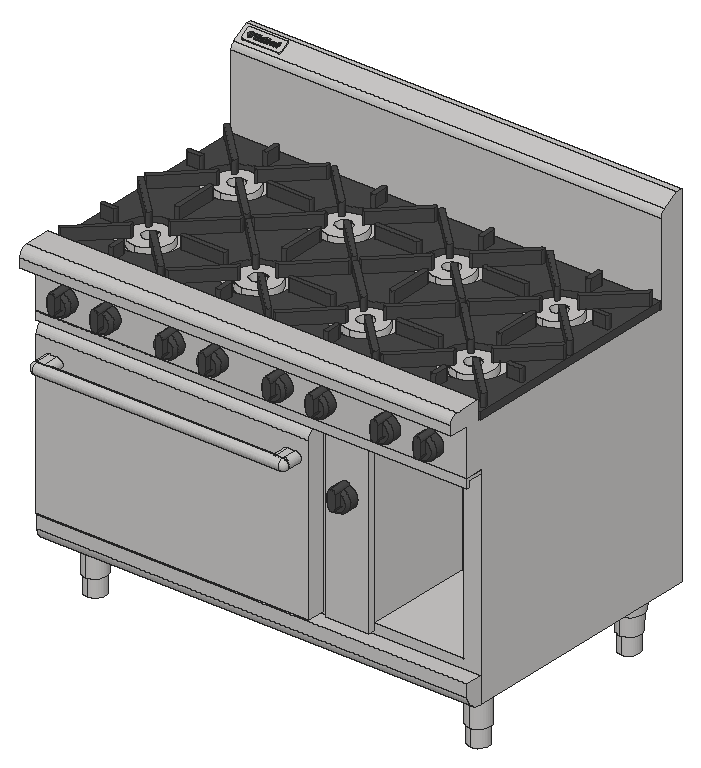
Revit family "QF_MOFFAT WALDORF_RN8810GC", category Specialty Equipment, Revit 2012 (continued)
Lines and regions (mm)
  Split face 14
    outline origin (270, -16.5, 1130) x (0, -0.866025, -0.5) y (1, 0, 0)
      loop
        line (34.599, 230.5) -> (1.962, 230.5) -> (1.962, 210.5) -> (34.599, 210.5) -> (34.599, 230.5)
  Split face 15
    outline origin (270, -16.5, 1130) x (0, -0.866025, -0.5) y (1, 0, 0)
      loop
        line (34.599, 257.5) -> (1.962, 257.5) -> (1.962, 237.5) -> (34.599, 237.5) -> (34.599, 257.5)
  Split face 16
    outline origin (324, -16.5, 1130) x (0, -0.866025, -0.5) y (1, 0, 0)
      loop
        line (34.599, 230.5) -> (1.962, 230.5) -> (1.962, 210.5) -> (34.599, 210.5) -> (34.599, 230.5)
  Split face 17
    outline origin (324, -16.5, 1130) x (0, -0.866025, -0.5) y (1, 0, 0)
      loop
        line (34.599, 257.5) -> (1.962, 257.5) -> (1.962, 237.5) -> (34.599, 237.5) -> (34.599, 257.5)
  Split face 18
    outline origin (405, -16.5, 1130) x (0, -0.866025, -0.5) y (1, 0, 0)
      loop
        line (34.599, 203.5) -> (1.962, 203.5) -> (1.962, 183.5) -> (34.599, 183.5) -> (34.599, 203.5)
  Split face 19
    outline origin (405, -16.5, 1130) x (0, -0.866025, -0.5) y (1, 0, 0)
      loop
        line (34.599, 230.5) -> (1.962, 230.5) -> (1.962, 210.5) -> (34.599, 210.5) -> (34.599, 230.5)
  Split face 20
    outline origin (405, -16.5, 1130) x (0, -0.866025, -0.5) y (1, 0, 0)
      loop
        line (34.599, 257.5) -> (1.962, 257.5) -> (1.962, 237.5) -> (34.599, 237.5) -> (34.599, 257.5)
  Split face 21
    outline origin (459, -16.5, 1130) x (0, -0.866025, -0.5) y (1, 0, 0)
      loop
        line (34.599, 230.5) -> (1.962, 230.5) -> (1.962, 210.5) -> (34.599, 210.5) -> (34.599, 230.5)
  Split face 22
    outline origin (459, -16.5, 1130) x (0, -0.866025, -0.5) y (1, 0, 0)
      loop
        line (34.599, 257.5) -> (1.962, 257.5) -> (1.962, 237.5) -> (34.599, 237.5) -> (34.599, 257.5)
  Split face 23
    outline origin (540, -16.5, 1130) x (0, -0.866025, -0.5) y (1, 0, 0)
      loop
        line (34.599, 203.5) -> (1.962, 203.5) -> (1.962, 183.5) -> (34.599, 183.5) -> (34.599, 203.5)
  Split face 24
    outline origin (540, -16.5, 1130) x (0, -0.866025, -0.5) y (1, 0, 0)
      loop
        line (34.599, 230.5) -> (1.962, 230.5) -> (1.962, 210.5) -> (34.599, 210.5) -> (34.599, 230.5)
  Split face 25
    outline origin (540, -16.5, 1130) x (0, -0.866025, -0.5) y (1, 0, 0)
      loop
        line (34.599, 257.5) -> (1.962, 257.5) -> (1.962, 237.5) -> (34.599, 237.5) -> (34.599, 257.5)
  Split face 26
    outline origin (594, -16.5, 1130) x (0, -0.866025, -0.5) y (1, 0, 0)
      loop
        line (34.599, 230.5) -> (1.962, 230.5) -> (1.962, 210.5) -> (34.599, 210.5) -> (34.599, 230.5)
  Split face 27
    outline origin (594, -16.5, 1130) x (0, -0.866025, -0.5) y (1, 0, 0)
      loop
        line (34.599, 257.5) -> (1.962, 257.5) -> (1.962, 237.5) -> (34.599, 237.5) -> (34.599, 257.5)
  Split face 28
    outline origin (648, -16.5, 1130) x (0, -0.866025, -0.5) y (1, 0, 0)
      loop
        line (34.599, 230.5) -> (1.962, 230.5) -> (1.962, 210.5) -> (34.599, 210.5) -> (34.599, 230.5)
  Split face 29
    outline origin (648, -16.5, 1130) x (0, -0.866025, -0.5) y (1, 0, 0)
      loop
        line (34.599, 257.5) -> (1.962, 257.5) -> (1.962, 237.5) -> (34.599, 237.5) -> (34.599, 257.5)
  Split face 30
    outline origin (702, -16.5, 1130) x (0, -0.866025, -0.5) y (1, 0, 0)
      loop
        line (34.599, 230.5) -> (1.962, 230.5) -> (1.962, 210.5) -> (34.599, 210.5) -> (34.599, 230.5)
  Split face 31
    outline origin (702, -16.5, 1130) x (0, -0.866025, -0.5) y (1, 0, 0)
      loop
        line (34.599, 257.5) -> (1.962, 257.5) -> (1.962, 237.5) -> (34.599, 237.5) -> (34.599, 257.5)
  Split face 32
    outline origin (756, -16.5, 1130) x (0, -0.866025, -0.5) y (1, 0, 0)
      loop
        line (34.599, 230.5) -> (1.962, 230.5) -> (1.962, 210.5) -> (34.599, 210.5) -> (34.599, 230.5)
  Split face 33
    outline origin (756, -16.5, 1130) x (0, -0.866025, -0.5) y (1, 0, 0)
      loop
        line (34.599, 257.5) -> (1.962, 257.5) -> (1.962, 237.5) -> (34.599, 237.5) -> (34.599, 257.5)
  Split face 34
    outline origin (810, -16.5, 1130) x (0, -0.866025, -0.5) y (1, 0, 0)
      loop
        line (34.599, 230.5) -> (1.962, 230.5) -> (1.962, 210.5) -> (34.599, 210.5) -> (34.599, 230.5)
  Split face 35
    outline origin (810, -16.5, 1130) x (0, -0.866025, -0.5) y (1, 0, 0)
      loop
        line (34.599, 257.5) -> (1.962, 257.5) -> (1.962, 237.5) -> (34.599, 237.5) -> (34.599, 257.5)
  Split face 36
    outline origin (864, -16.5, 1130) x (0, -0.866025, -0.5) y (1, 0, 0)
      loop
        line (34.599, 230.5) -> (1.962, 230.5) -> (1.962, 210.5) -> (34.599, 210.5) -> (34.599, 230.5)
  symbolic lines
    curve 1: line (0, 0, 0) -> (0, -805, 0)
    curve 2: line (1200, 0, 0) -> (0, 0, 0)
    curve 3: line (1200, -805, 0) -> (1200, 0, 0)
    curve 4: line (0, -70, 0) -> (1200, -70, 0)
    curve 5: line (12.5, -51.234, 0) -> (12.5, -20.958, 0)
    curve 6: line (12.5, -20.958, 0) -> (121.5, -20.958, 0)
    curve 7: line (12.5, -51.234, 0) -> (121.5, -51.234, 0)
    curve 8: line (121.5, -20.958, 0) -> (121.5, -51.234, 0)
    curve 9: line (129.583, -22.262, 0) -> (129.583, -50.526, 0)
    curve 10: line (129.583, -50.526, 0) -> (149.583, -50.526, 0)
    curve 11: line (149.583, -50.526, 0) -> (149.583, -22.262, 0)
    curve 12: line (149.583, -22.262, 0) -> (129.583, -22.262, 0)
    curve 13: line (156.5, -22.262, 0) -> (156.5, -50.526, 0)
    curve 14: line (156.5, -50.526, 0) -> (176.5, -50.526, 0)
    curve 15: line (176.5, -50.526, 0) -> (176.5, -22.262, 0)
    curve 16: line (176.5, -22.262, 0) -> (156.5, -22.262, 0)
    curve 17: line (183.5, -22.262, 0) -> (183.5, -50.526, 0)
    curve 18: line (183.5, -50.526, 0) -> (203.5, -50.526, 0)
    curve 19: line (203.5, -50.526, 0) -> (203.5, -22.262, 0)
    curve 20: line (203.5, -22.262, 0) -> (183.5, -22.262, 0)
    curve 21: line (210.5, -22.262, 0) -> (210.5, -50.526, 0)
    curve 22: line (210.5, -50.526, 0) -> (230.5, -50.526, 0)
    curve 23: line (230.5, -50.526, 0) -> (230.5, -22.262, 0)
    curve 24: line (230.5, -22.262, 0) -> (210.5, -22.262, 0)
    curve 25: line (1200, -805, 0) -> (0, -805, 0)
    curve 26: line (237.5, -22.262, 0) -> (237.5, -50.526, 0)
    curve 27: line (237.5, -50.526, 0) -> (257.5, -50.526, 0)
    curve 28: line (257.5, -50.526, 0) -> (257.5, -22.262, 0)
    curve 29: line (257.5, -22.262, 0) -> (237.5, -22.262, 0)
    curve 30: line (1200, -709, 0) -> (0, -709, 0)
    curve 31: line (0, -705.7, 0) -> (1200, -705.7, 0)
    curve 32: line (1200, -72.734, 0) -> (0, -72.734, 0)
    curve 33: arc (22.65, -805, 0) -> (34.104, -815.278, 0) -> (48.889, -819.544, 0) r 34.455
    curve 34: line (48.889, -819.544, 0) -> (718.108, -819.544, 0)
    curve 35: arc (718.108, -819.544, 0) -> (732.653, -815.647, 0) -> (743.3, -805, 0) r 29.089
    curve 36: line (6.08, -94.387, 0) -> (121.515, -209.822, 0)
    curve 37: line (293.92, -94.387, 0) -> (178.485, -209.822, 0)
    curve 38: line (6.08, -380.613, 0) -> (121.515, -265.178, 0)
    curve 39: line (293.92, -380.613, 0) -> (178.485, -265.178, 0)
    curve 40: line (362.78, -237.81, 0) -> (237.78, -237.81, 0)
    curve 41: line (362.78, -537.81, 0) -> (237.78, -537.81, 0)
    curve 42: line (6.08, -394.655, 0) -> (121.515, -510.089, 0)
    curve 43: line (293.92, -394.655, 0) -> (178.485, -510.089, 0)
    curve 44: line (6.08, -680.881, 0) -> (121.515, -565.446, 0)
    curve 45: line (293.92, -680.881, 0) -> (178.485, -565.446, 0)
    curve 46: arc (150, -294.5, 0) -> (207, -237.5, 0) -> (150, -180.5, 0) r 57
    curve 47: arc (150, -180.5, 0) -> (93, -237.5, 0) -> (150, -294.5, 0) r 57
    curve 48: arc (150, -594.5, 0) -> (207, -537.5, 0) -> (150, -480.5, 0) r 57
    curve 49: arc (150, -480.5, 0) -> (93, -537.5, 0) -> (150, -594.5, 0) r 57
    curve 50: line (264.5, -22.262, 0) -> (264.5, -50.526, 0)
    curve 51: line (264.5, -50.526, 0) -> (284.5, -50.526, 0)
    curve 52: line (284.5, -50.526, 0) -> (284.5, -22.262, 0)
    curve 53: line (284.5, -22.262, 0) -> (264.5, -22.262, 0)
    curve 54: line (291.5, -22.262, 0) -> (291.5, -50.526, 0)
    curve 55: line (291.5, -50.526, 0) -> (311.5, -50.526, 0)
    curve 56: line (311.5, -50.526, 0) -> (311.5, -22.262, 0)
    curve 57: line (311.5, -22.262, 0) -> (291.5, -22.262, 0)
    curve 58: line (318.5, -22.262, 0) -> (318.5, -50.526, 0)
    curve 59: line (318.5, -50.526, 0) -> (338.5, -50.526, 0)
    curve 60: line (338.5, -50.526, 0) -> (338.5, -22.262, 0)
    curve 61: line (338.5, -22.262, 0) -> (318.5, -22.262, 0)
    curve 62: line (345.5, -22.262, 0) -> (345.5, -50.526, 0)
    curve 63: line (345.5, -50.526, 0) -> (365.5, -50.526, 0)
    curve 64: line (365.5, -50.526, 0) -> (365.5, -22.262, 0)
    curve 65: line (365.5, -22.262, 0) -> (345.5, -22.262, 0)
    curve 66: line (372.5, -22.262, 0) -> (372.5, -50.526, 0)
    curve 67: line (372.5, -50.526, 0) -> (392.5, -50.526, 0)
    curve 68: line (392.5, -50.526, 0) -> (392.5, -22.262, 0)
    curve 69: line (392.5, -22.262, 0) -> (372.5, -22.262, 0)
    curve 70: line (399.5, -22.262, 0) -> (399.5, -50.526, 0)
    curve 71: line (399.5, -50.526, 0) -> (419.5, -50.526, 0)
    curve 72: line (419.5, -50.526, 0) -> (419.5, -22.262, 0)
    curve 73: line (419.5, -22.262, 0) -> (399.5, -22.262, 0)
    curve 74: line (426.5, -22.262, 0) -> (426.5, -50.526, 0)
    curve 75: line (426.5, -50.526, 0) -> (446.5, -50.526, 0)
    curve 76: line (446.5, -50.526, 0) -> (446.5, -22.262, 0)
    curve 77: line (446.5, -22.262, 0) -> (426.5, -22.262, 0)
    curve 78: line (453.5, -22.262, 0) -> (453.5, -50.526, 0)
    curve 79: line (453.5, -50.526, 0) -> (473.5, -50.526, 0)
    curve 80: line (473.5, -50.526, 0) -> (473.5, -22.262, 0)
    curve 81: line (473.5, -22.262, 0) -> (453.5, -22.262, 0)
    curve 82: line (480.5, -22.262, 0) -> (480.5, -50.526, 0)
    curve 83: line (480.5, -50.526, 0) -> (500.5, -50.526, 0)
    curve 84: line (500.5, -50.526, 0) -> (500.5, -22.262, 0)
    curve 85: line (500.5, -22.262, 0) -> (480.5, -22.262, 0)
    curve 86: line (507.5, -22.262, 0) -> (507.5, -50.526, 0)
    curve 87: line (507.5, -50.526, 0) -> (527.5, -50.526, 0)
    curve 88: line (527.5, -50.526, 0) -> (527.5, -22.262, 0)
    curve 89: line (527.5, -22.262, 0) -> (507.5, -22.262, 0)
    curve 90: line (534.5, -22.262, 0) -> (534.5, -50.526, 0)
    curve 91: line (534.5, -50.526, 0) -> (554.5, -50.526, 0)
    curve 92: line (554.5, -50.526, 0) -> (554.5, -22.262, 0)
    curve 93: line (554.5, -22.262, 0) -> (534.5, -22.262, 0)
    curve 94: line (561.5, -22.262, 0) -> (561.5, -50.526, 0)
    curve 95: line (561.5, -50.526, 0) -> (581.5, -50.526, 0)
    curve 96: line (581.5, -50.526, 0) -> (581.5, -22.262, 0)
    curve 97: line (581.5, -22.262, 0) -> (561.5, -22.262, 0)
    curve 98: line (588.5, -22.262, 0) -> (588.5, -50.526, 0)
    curve 99: line (588.5, -50.526, 0) -> (608.5, -50.526, 0)
    curve 100: line (608.5, -50.526, 0) -> (608.5, -22.262, 0)
    curve 101: line (608.5, -22.262, 0) -> (588.5, -22.262, 0)
    curve 102: line (615.5, -22.262, 0) -> (615.5, -50.526, 0)
    curve 103: line (615.5, -50.526, 0) -> (635.5, -50.526, 0)
    curve 104: line (635.5, -50.526, 0) -> (635.5, -22.262, 0)
    curve 105: line (635.5, -22.262, 0) -> (615.5, -22.262, 0)
    curve 106: line (642.5, -22.262, 0) -> (642.5, -50.526, 0)
    curve 107: line (642.5, -50.526, 0) -> (662.5, -50.526, 0)
    curve 108: line (662.5, -50.526, 0) -> (662.5, -22.262, 0)
    curve 109: line (662.5, -22.262, 0) -> (642.5, -22.262, 0)
    curve 110: line (669.5, -22.262, 0) -> (669.5, -50.526, 0)
    curve 111: line (669.5, -50.526, 0) -> (689.5, -50.526, 0)
    curve 112: line (689.5, -50.526, 0) -> (689.5, -22.262, 0)
    curve 113: line (689.5, -22.262, 0) -> (669.5, -22.262, 0)
    curve 114: line (696.5, -22.262, 0) -> (696.5, -50.526, 0)
    curve 115: line (696.5, -50.526, 0) -> (716.5, -50.526, 0)
    curve 116: line (716.5, -50.526, 0) -> (716.5, -22.262, 0)
    curve 117: line (716.5, -22.262, 0) -> (696.5, -22.262, 0)
    curve 118: line (723.5, -22.262, 0) -> (723.5, -50.526, 0)
    curve 119: line (723.5, -50.526, 0) -> (743.5, -50.526, 0)
    curve 120: line (743.5, -50.526, 0) -> (743.5, -22.262, 0)
    curve 121: line (743.5, -22.262, 0) -> (723.5, -22.262, 0)
    curve 122: line (750.5, -22.262, 0) -> (750.5, -50.526, 0)
    curve 123: line (750.5, -50.526, 0) -> (770.5, -50.526, 0)
    curve 124: line (770.5, -50.526, 0) -> (770.5, -22.262, 0)
    curve 125: line (770.5, -22.262, 0) -> (750.5, -22.262, 0)
    curve 126: line (777.5, -22.262, 0) -> (777.5, -50.526, 0)
    curve 127: line (777.5, -50.526, 0) -> (797.5, -50.526, 0)
    curve 128: line (797.5, -50.526, 0) -> (797.5, -22.262, 0)
    curve 129: line (797.5, -22.262, 0) -> (777.5, -22.262, 0)
    curve 130: line (804.5, -22.262, 0) -> (804.5, -50.526, 0)
    curve 131: line (804.5, -50.526, 0) -> (824.5, -50.526, 0)
    curve 132: line (824.5, -50.526, 0) -> (824.5, -22.262, 0)
    curve 133: line (824.5, -22.262, 0) -> (804.5, -22.262, 0)
    curve 134: line (831.5, -22.262, 0) -> (831.5, -50.526, 0)
    curve 135: line (831.5, -50.526, 0) -> (851.5, -50.526, 0)
    curve 136: line (851.5, -50.526, 0) -> (851.5, -22.262, 0)
    curve 137: line (851.5, -22.262, 0) -> (831.5, -22.262, 0)
    curve 138: line (858.5, -22.262, 0) -> (858.5, -50.526, 0)
    curve 139: line (858.5, -50.526, 0) -> (878.5, -50.526, 0)
    curve 140: line (878.5, -50.526, 0) -> (878.5, -22.262, 0)
    curve 141: line (878.5, -22.262, 0) -> (858.5, -22.262, 0)
    curve 142: line (885.5, -22.262, 0) -> (885.5, -50.526, 0)
    curve 143: line (885.5, -50.526, 0) -> (905.5, -50.526, 0)
    curve 144: line (905.5, -50.526, 0) -> (905.5, -22.262, 0)
    curve 145: line (905.5, -22.262, 0) -> (885.5, -22.262, 0)
    curve 146: line (912.5, -22.262, 0) -> (912.5, -50.526, 0)
    curve 147: line (912.5, -50.526, 0) -> (932.5, -50.526, 0)
    curve 148: line (932.5, -50.526, 0) -> (932.5, -22.262, 0)
    curve 149: line (932.5, -22.262, 0) -> (912.5, -22.262, 0)
    curve 150: line (939.5, -22.262, 0) -> (939.5, -50.526, 0)
    curve 151: line (939.5, -50.526, 0) -> (959.5, -50.526, 0)
    curve 152: line (959.5, -50.526, 0) -> (959.5, -22.262, 0)
    curve 153: line (959.5, -22.262, 0) -> (939.5, -22.262, 0)
    curve 154: line (966.5, -22.262, 0) -> (966.5, -50.526, 0)
    curve 155: line (966.5, -50.526, 0) -> (986.5, -50.526, 0)
    curve 156: line (986.5, -50.526, 0) -> (986.5, -22.262, 0)
    curve 157: line (986.5, -22.262, 0) -> (966.5, -22.262, 0)
    curve 158: line (993.5, -22.262, 0) -> (993.5, -50.526, 0)
    curve 159: line (993.5, -50.526, 0) -> (1013.5, -50.526, 0)
    curve 160: line (1013.5, -50.526, 0) -> (1013.5, -22.262, 0)
    curve 161: line (1013.5, -22.262, 0) -> (993.5, -22.262, 0)
    curve 162: line (1020.5, -22.262, 0) -> (1020.5, -50.526, 0)
    curve 163: line (1020.5, -50.526, 0) -> (1040.5, -50.526, 0)
    curve 164: line (1040.5, -50.526, 0) -> (1040.5, -22.262, 0)
    curve 165: line (1040.5, -22.262, 0) -> (1020.5, -22.262, 0)
    curve 166: line (1047.5, -22.262, 0) -> (1047.5, -50.526, 0)
    curve 167: line (1047.5, -50.526, 0) -> (1067.5, -50.526, 0)
    curve 168: line (1067.5, -50.526, 0) -> (1067.5, -22.262, 0)
    curve 169: line (1067.5, -22.262, 0) -> (1047.5, -22.262, 0)
    curve 170: line (1074.5, -22.262, 0) -> (1074.5, -50.526, 0)
    curve 171: line (1074.5, -50.526, 0) -> (1094.5, -50.526, 0)
    curve 172: line (1094.5, -50.526, 0) -> (1094.5, -22.262, 0)
    curve 173: line (1094.5, -22.262, 0) -> (1074.5, -22.262, 0)
    curve 174: line (1101.5, -22.262, 0) -> (1101.5, -50.526, 0)
    curve 175: line (1101.5, -50.526, 0) -> (1121.5, -50.526, 0)
    curve 176: line (1121.5, -50.526, 0) -> (1121.5, -22.262, 0)
    curve 177: line (1121.5, -22.262, 0) -> (1101.5, -22.262, 0)
    curve 178: line (306.08, -94.387, 0) -> (421.515, -209.822, 0)
    curve 179: line (593.92, -94.387, 0) -> (478.485, -209.822, 0)
    curve 180: line (306.08, -380.613, 0) -> (421.515, -265.178, 0)
    curve 181: line (593.92, -380.613, 0) -> (478.485, -265.178, 0)
    curve 182: line (662.78, -237.81, 0) -> (537.78, -237.81, 0)
    curve 183: arc (450, -294.5, 0) -> (507, -237.5, 0) -> (450, -180.5, 0) r 57
    curve 184: arc (450, -180.5, 0) -> (393, -237.5, 0) -> (450, -294.5, 0) r 57
    curve 185: arc (750, -294.5, 0) -> (807, -237.5, 0) -> (750, -180.5, 0) r 57
    curve 186: arc (750, -180.5, 0) -> (693, -237.5, 0) -> (750, -294.5, 0) r 57
    curve 187: arc (1050, -294.5, 0) -> (1107, -237.5, 0) -> (1050, -180.5, 0) r 57
    curve 188: arc (1050, -180.5, 0) -> (993, -237.5, 0) -> (1050, -294.5, 0) r 57
    curve 189: line (606.08, -94.387, 0) -> (721.515, -209.822, 0)
    curve 190: line (893.92, -94.387, 0) -> (778.485, -209.822, 0)
    curve 191: line (606.08, -380.613, 0) -> (721.515, -265.178, 0)
    curve 192: line (893.92, -380.613, 0) -> (778.485, -265.178, 0)
    curve 193: line (962.78, -237.81, 0) -> (837.78, -237.81, 0)
    curve 194: line (906.08, -94.387, 0) -> (1021.515, -209.822, 0)
    curve 195: line (1193.92, -94.387, 0) -> (1078.485, -209.822, 0)
    curve 196: line (906.08, -380.613, 0) -> (1021.515, -265.178, 0)
    curve 197: line (1193.92, -380.613, 0) -> (1078.485, -265.178, 0)
    curve 198: line (906.08, -394.387, 0) -> (1021.515, -509.822, 0)
    curve 199: line (1193.92, -394.387, 0) -> (1078.485, -509.822, 0)
    curve 200: line (906.08, -680.613, 0) -> (1021.515, -565.178, 0)
    curve 201: line (1193.92, -680.613, 0) -> (1078.485, -565.178, 0)
    curve 202: line (306.08, -394.655, 0) -> (421.515, -510.089, 0)
    curve 203: line (593.92, -394.655, 0) -> (478.485, -510.089, 0)
    curve 204: line (306.08, -680.881, 0) -> (421.515, -565.446, 0)
    curve 205: line (593.92, -680.881, 0) -> (478.485, -565.446, 0)
    curve 206: line (606.08, -394.655, 0) -> (721.515, -510.089, 0)
    curve 207: line (893.92, -394.655, 0) -> (778.485, -510.089, 0)
    curve 208: line (606.08, -680.881, 0) -> (721.515, -565.446, 0)
    curve 209: line (893.92, -680.881, 0) -> (778.485, -565.446, 0)
    curve 210: line (149.618, -450.258, 0) -> (149.618, -325.258, 0)
    curve 211: line (449.618, -450.258, 0) -> (449.618, -325.258, 0)
    curve 212: line (749.618, -450.258, 0) -> (749.618, -325.258, 0)
    curve 213: line (1049.618, -450.258, 0) -> (1049.618, -325.258, 0)
    curve 214: line (662.78, -537.81, 0) -> (537.78, -537.81, 0)
    curve 215: line (962.78, -537.81, 0) -> (837.78, -537.81, 0)
    curve 216: line (149.197, -139.807, 0) -> (149.197, -94.807, 0)
    curve 217: line (149.197, -674.807, 0) -> (149.197, -634.807, 0)
    curve 218: line (449.197, -139.807, 0) -> (449.197, -94.807, 0)
    curve 219: line (449.197, -674.807, 0) -> (449.197, -634.807, 0)
    curve 220: line (749.197, -139.807, 0) -> (749.197, -94.807, 0)
    curve 221: line (749.197, -674.807, 0) -> (749.197, -634.807, 0)
    curve 222: line (1049.197, -139.807, 0) -> (1049.197, -94.807, 0)
    curve 223: line (1049.197, -674.807, 0) -> (1049.197, -634.807, 0)
    curve 224: line (49.678, -236.51, 0) -> (14.678, -236.51, 0)
    curve 225: line (49.678, -536.51, 0) -> (14.678, -536.51, 0)
    curve 226: line (1150.322, -236.51, 0) -> (1185.322, -236.51, 0)
    curve 227: line (1150.322, -536.51, 0) -> (1185.322, -536.51, 0)
    curve 231: arc (450, -480.5, 0) -> (393, -537.5, 0) -> (450, -594.5, 0) r 57
    curve 232: arc (450, -594.5, 0) -> (507, -537.5, 0) -> (450, -480.5, 0) r 57
    curve 233: arc (750, -480.5, 0) -> (693, -537.5, 0) -> (750, -594.5, 0) r 57
    curve 234: arc (750, -594.5, 0) -> (807, -537.5, 0) -> (750, -480.5, 0) r 57
    curve 235: arc (1050, -480.5, 0) -> (993, -537.5, 0) -> (1050, -594.5, 0) r 57
    curve 236: arc (1050, -594.5, 0) -> (1107, -537.5, 0) -> (1050, -480.5, 0) r 57
    curve 237: arc (150, -152.5, 0) -> (235, -237.5, 0) -> (150, -322.5, 0) r 85
    curve 238: arc (150, -322.5, 0) -> (65, -237.5, 0) -> (150, -152.5, 0) r 85
    curve 239: arc (450, -322.5, 0) -> (365, -237.5, 0) -> (450, -152.5, 0) r 85
    curve 240: arc (450, -152.5, 0) -> (535, -237.5, 0) -> (450, -322.5, 0) r 85
    curve 241: arc (750, -322.5, 0) -> (665, -237.5, 0) -> (750, -152.5, 0) r 85
    curve 242: arc (750, -152.5, 0) -> (835, -237.5, 0) -> (750, -322.5, 0) r 85
    curve 243: arc (1050, -322.5, 0) -> (965, -237.5, 0) -> (1050, -152.5, 0) r 85
    curve 244: arc (1050, -152.5, 0) -> (1135, -237.5, 0) -> (1050, -322.5, 0) r 85
    curve 245: arc (1050, -622.768, 0) -> (965, -537.768, 0) -> (1050, -452.768, 0) r 85
    curve 246: arc (1050, -452.768, 0) -> (1135, -537.768, 0) -> (1050, -622.768, 0) r 85
    curve 247: arc (750, -452.768, 0) -> (835, -537.768, 0) -> (750, -622.768, 0) r 85
    curve 248: arc (750, -622.768, 0) -> (665, -537.768, 0) -> (750, -452.768, 0) r 85
    curve 249: arc (450, -452.768, 0) -> (535, -537.768, 0) -> (450, -622.768, 0) r 85
    curve 250: arc (450, -622.768, 0) -> (365, -537.768, 0) -> (450, -452.768, 0) r 85
    curve 251: arc (150, -452.768, 0) -> (235, -537.768, 0) -> (150, -622.768, 0) r 85
    curve 252: arc (150, -622.768, 0) -> (65, -537.768, 0) -> (150, -452.768, 0) r 85
    curve 253: line (300.563, -72.734, 0) -> (300.563, -705.7, 0)
    curve 254: line (600, -72.734, 0) -> (600, -705.7, 0)
    curve 255: line (0, -387.5, 0) -> (1200, -387.5, 0)
    curve 256: line (900, -72.734, 0) -> (900, -705.7, 0)
    curve 257: arc (150, -215.5, 0) -> (172, -237.5, 0) -> (150, -259.5, 0) r 22
    curve 258: arc (150, -259.5, 0) -> (128, -237.5, 0) -> (150, -215.5, 0) r 22
    curve 259: arc (450, -215.5, 0) -> (472, -237.5, 0) -> (450, -259.5, 0) r 22
    curve 260: arc (450, -259.5, 0) -> (428, -237.5, 0) -> (450, -215.5, 0) r 22
    curve 261: arc (750, -215.5, 0) -> (772, -237.5, 0) -> (750, -259.5, 0) r 22
    curve 262: arc (750, -259.5, 0) -> (728, -237.5, 0) -> (750, -215.5, 0) r 22
    curve 263: arc (1050, -215.5, 0) -> (1072, -237.5, 0) -> (1050, -259.5, 0) r 22
    curve 264: arc (1050, -259.5, 0) -> (1028, -237.5, 0) -> (1050, -215.5, 0) r 22
    curve 265: arc (1050, -515.5, 0) -> (1072, -537.5, 0) -> (1050, -559.5, 0) r 22
    curve 266: arc (1050, -559.5, 0) -> (1028, -537.5, 0) -> (1050, -515.5, 0) r 22
    curve 267: arc (750, -515.5, 0) -> (772, -537.5, 0) -> (750, -559.5, 0) r 22
    curve 268: arc (750, -559.5, 0) -> (728, -537.5, 0) -> (750, -515.5, 0) r 22
    curve 269: arc (450, -515.5, 0) -> (472, -537.5, 0) -> (450, -559.5, 0) r 22
    curve 270: arc (450, -559.5, 0) -> (428, -537.5, 0) -> (450, -515.5, 0) r 22
    curve 271: arc (150, -515.5, 0) -> (172, -537.5, 0) -> (150, -559.5, 0) r 22
    curve 272: arc (150, -559.5, 0) -> (128, -537.5, 0) -> (150, -515.5, 0) r 22
  symbolic lines, style "QF_Door-Drawer Clearances", visible <- "Show Clearance"
    curve 228: line (0, -1218.847, 0) -> (760, -1218.847, 0)
    curve 229: line (760, -1218.847, 0) -> (760, -805, 0)
    curve 230: line (0, -1218.847, 0) -> (0, -805, 0)
Dimensions and locks
  equal spacing: plane 3 "LEFT", plane 7 "Center Y", plane 4 "RIGHT"
  "Width": plane 3 "LEFT" to plane 4 "RIGHT"
  equal spacing: plane 5 "FRONT", plane 8 "Center X", plane 1 "BACK"
  plane 5 "FRONT" to plane 1 "BACK" = 805 mm  (x2)
  equal spacing: plane 4 "RIGHT", plane 7 "Center Y", plane 3 "LEFT"
  plane 4 "RIGHT" to plane 3 "LEFT" = 1200 mm
  "Height": plane 6 "TOP" to level
  plane 10 to plane 1 "BACK" = 574.272 mm
  plane 12 to plane 1 "BACK" = 304.972 mm  (x2)
  plane 11 to plane 3 "LEFT" = 60 mm
  plane 14 to plane 3 "LEFT" = 74 mm
  plane 9 to plane 3 "LEFT" = 280 mm
  "Depth": plane 1 "BACK" to plane 15
  plane 15 to plane 5 "FRONT" = 0 mm
  plane 6 "TOP" to plane 2 = 1130 mm
  locked: plane 2 to Extrusion 1 sketch curve at 861.8
  locked: plane 2 to Extrusion 1 sketch curve at 915
  locked: plane 4 "RIGHT" to plane 16 at 65.5
  Extrusion 10 sketch curve to plane 20 = 64.8 mm
  aligned and locked: level to plane 2
  aligned and locked: curve 3 to plane 4 "RIGHT"
  aligned and locked: Extrusion 1 to plane 4 "RIGHT"
  aligned and locked: plane 16 to Revolve 5
  aligned and locked: plane 16 to Revolve 4
  aligned and locked: plane 4 "RIGHT" to Extrusion 10 sketch curve
Automatic sketch dimensions
  Extrusion 1 sketch curve to plane 5 "FRONT" = 0 mm
  Extrusion 1 sketch curve to plane 6 "TOP" = 0 mm
  Extrusion 1 sketch curve to plane 1 "BACK" = 0 mm
  Extrusion 1 sketch curve to plane 5 "FRONT" = 24 mm
  Extrusion 1 sketch curve to plane 5 "FRONT" = 56 mm
  Extrusion 1 sketch curve to Extrusion 1 sketch curve = 0 mm
  Extrusion 1 sketch curve to plane 5 "FRONT" = 58.27 mm
  Extrusion 1 sketch curve to Extrusion 1 sketch curve = 6.387 mm
  Extrusion 1 sketch curve to Extrusion 1 sketch curve = 8.776 mm
  Extrusion 1 sketch curve to Extrusion 1 sketch curve = 40 mm
  Extrusion 1 sketch curve to Extrusion 1 sketch curve = 43.174 mm
  Extrusion 1 sketch curve to Extrusion 1 sketch curve = 2.626 mm
  Extrusion 1 sketch curve to Extrusion 1 sketch curve = 41.683 mm
  Extrusion 1 sketch curve to Extrusion 1 sketch curve = 4.2 mm  (x2)
  Extrusion 1 sketch curve to plane 17 = 38 mm
  Extrusion 1 sketch curve to Extrusion 1 sketch curve = 11.291 mm
  Extrusion 1 sketch curve to plane 17 = 15.418 mm
  plane 17 to Extrusion 1 sketch curve = 15.5 mm
  plane 18 to Extrusion 1 sketch curve = 81.219 mm
  Extrusion 1 sketch curve to Extrusion 1 sketch curve = 2.216 mm
  Extrusion 1 sketch curve to Extrusion 1 sketch curve = 7.004 mm
  Extrusion 1 sketch curve to Extrusion 1 sketch curve = 16.999 mm
  level to Extrusion 1 sketch curve = 222.5 mm
  Extrusion 1 sketch curve to Extrusion 1 sketch curve = 28.982 mm
  Extrusion 1 sketch curve to Extrusion 1 sketch curve = 34.5 mm
  Extrusion 1 sketch curve to Extrusion 1 sketch curve = 0.071 mm
  Extrusion 1 sketch curve to plane 6 "TOP" = 43.926 mm
  plane 18 to Extrusion 2 sketch curve = 21 mm
  Extrusion 2 sketch curve to plane 5 "FRONT" = 56 mm
  Extrusion 2 sketch curve to Extrusion 2 sketch curve = 24 mm
  Extrusion 2 sketch curve to Extrusion 2 sketch curve = 50 mm
  level to Extrusion 2 sketch curve = 227.5 mm
  Extrusion 3 sketch curve to Extrusion 3 sketch curve = 15 mm
  level to Extrusion 3 sketch curve = 227.5 mm
  Revolve 4 sketch curve to level = 0 mm
  Revolve 4 sketch curve to plane 17 = 110.753 mm
  Revolve 4 sketch curve to Revolve 4 sketch curve = 4.159 mm
  Revolve 4 sketch curve to Revolve 4 sketch curve = 5.012 mm
  Revolve 4 sketch curve to Revolve 4 sketch curve = 1.832 mm
  Revolve 4 sketch curve to Revolve 4 sketch curve = 4.25 mm
  Revolve 4 sketch curve to Revolve 4 sketch curve = 42.753 mm
  Revolve 4 sketch curve to Revolve 4 sketch curve = 0 mm  (x2)
  level to Revolve 4 sketch curve = 50 mm
  Revolve 4 sketch curve to Revolve 4 sketch curve = 52.468 mm
  Revolve 4 sketch curve to Revolve 4 sketch curve = 47.532 mm
  Revolve 4 sketch curve to Revolve 4 sketch curve = 55 mm
  Revolve 5 sketch curve to level = 0 mm
  Revolve 5 sketch curve to plane 10 = 82.478 mm
  Revolve 5 sketch curve to Revolve 5 sketch curve = 4.25 mm
  Revolve 5 sketch curve to Revolve 5 sketch curve = 27.5 mm  (x2)
  level to Revolve 5 sketch curve = 50 mm
  Revolve 5 sketch curve to Revolve 5 sketch curve = 0 mm
  Revolve 5 sketch curve to Revolve 5 sketch curve = 100 mm
  Revolve 5 sketch curve to Revolve 5 sketch curve = 55 mm
  Revolve 6 sketch curve to level = 0 mm
  Revolve 6 sketch curve to plane 17 = 110.753 mm
  Revolve 6 sketch curve to Revolve 6 sketch curve = 0 mm  (x3)
  Revolve 6 sketch curve to Revolve 6 sketch curve = 4.159 mm
  Revolve 6 sketch curve to Revolve 6 sketch curve = 5.012 mm
  Revolve 6 sketch curve to Revolve 6 sketch curve = 1.832 mm
  Revolve 6 sketch curve to Revolve 6 sketch curve = 4.25 mm
  Revolve 6 sketch curve to Revolve 6 sketch curve = 42.753 mm
  Revolve 6 sketch curve to level = 55 mm
  Revolve 6 sketch curve to Revolve 6 sketch curve = 50 mm
  Revolve 6 sketch curve to Revolve 6 sketch curve = 52.468 mm
  Revolve 6 sketch curve to Revolve 6 sketch curve = 47.532 mm
  Revolve 7 sketch curve to level = 0 mm
  Revolve 7 sketch curve to plane 10 = 82.478 mm
  Revolve 7 sketch curve to Revolve 7 sketch curve = 4.25 mm
  Revolve 7 sketch curve to Revolve 7 sketch curve = 27.5 mm  (x2)
  Revolve 7 sketch curve to level = 55 mm
  Revolve 7 sketch curve to Revolve 7 sketch curve = 50 mm
  Revolve 7 sketch curve to Revolve 7 sketch curve = 0 mm
  Revolve 7 sketch curve to Revolve 7 sketch curve = 100 mm
  plane 17 to Extrusion 8 sketch curve = 0 mm
  Extrusion 8 sketch curve to plane 16 = 64.5 mm
  Revolve 11 sketch curve to plane 5 "FRONT" = 12 mm
  Revolve 11 sketch curve to Revolve 11 sketch curve = 0 mm  (x2)
  Revolve 11 sketch curve to Revolve 11 sketch curve = 11 mm
  Revolve 11 sketch curve to Revolve 11 sketch curve = 12.7 mm
  Revolve 11 sketch curve to Revolve 11 sketch curve = 23 mm
  Revolve 11 sketch curve to Revolve 11 sketch curve = 10 mm
  plane 18 to Revolve 11 sketch curve = 141.882 mm
  Revolve 11 sketch curve to Revolve 11 sketch curve = 5 mm
  Revolve 11 sketch curve to Revolve 11 sketch curve = 26.651 mm
  Revolve 11 sketch curve to Revolve 11 sketch curve = 5.849 mm
  Revolve 12 sketch curve to plane 5 "FRONT" = 12 mm
  Revolve 12 sketch curve to Revolve 12 sketch curve = 0 mm  (x2)
  Revolve 12 sketch curve to Revolve 12 sketch curve = 11 mm
  Revolve 12 sketch curve to Revolve 12 sketch curve = 12.7 mm
  Revolve 12 sketch curve to Revolve 12 sketch curve = 23 mm
  Revolve 12 sketch curve to Revolve 12 sketch curve = 10 mm
  plane 18 to Revolve 12 sketch curve = 141.882 mm
  Revolve 12 sketch curve to Revolve 12 sketch curve = 5 mm
  Revolve 12 sketch curve to Revolve 12 sketch curve = 26.651 mm
  Revolve 12 sketch curve to Revolve 12 sketch curve = 5.849 mm
  Revolve 13 sketch curve to plane 5 "FRONT" = 12 mm
  Revolve 13 sketch curve to Revolve 13 sketch curve = 0 mm  (x2)
  Revolve 13 sketch curve to Revolve 13 sketch curve = 11 mm
  Revolve 13 sketch curve to Revolve 13 sketch curve = 12.7 mm
  Revolve 13 sketch curve to Revolve 13 sketch curve = 23 mm
  Revolve 13 sketch curve to Revolve 13 sketch curve = 10 mm
  plane 18 to Revolve 13 sketch curve = 174.382 mm
  Revolve 13 sketch curve to Revolve 13 sketch curve = 5.849 mm
  Revolve 13 sketch curve to Revolve 13 sketch curve = 27.5 mm
  Revolve 13 sketch curve to Revolve 13 sketch curve = 5 mm
  Revolve 14 sketch curve to plane 5 "FRONT" = 12 mm
  Revolve 14 sketch curve to Revolve 14 sketch curve = 0 mm  (x2)
  Revolve 14 sketch curve to Revolve 14 sketch curve = 11 mm
  Revolve 14 sketch curve to Revolve 14 sketch curve = 12.7 mm
  Revolve 14 sketch curve to Revolve 14 sketch curve = 23 mm
  Revolve 14 sketch curve to Revolve 14 sketch curve = 10 mm
  plane 18 to Revolve 14 sketch curve = 174.382 mm
  Revolve 14 sketch curve to Revolve 14 sketch curve = 5.849 mm
  Revolve 14 sketch curve to Revolve 14 sketch curve = 27.5 mm
  Revolve 14 sketch curve to Revolve 14 sketch curve = 5 mm
  Revolve 15 sketch curve to plane 5 "FRONT" = 12 mm
  Revolve 15 sketch curve to Revolve 15 sketch curve = 0 mm  (x2)
  Revolve 15 sketch curve to Revolve 15 sketch curve = 11 mm
  Revolve 15 sketch curve to Revolve 15 sketch curve = 12.7 mm
  Revolve 15 sketch curve to Revolve 15 sketch curve = 23 mm
  Revolve 15 sketch curve to Revolve 15 sketch curve = 10 mm
  plane 18 to Revolve 15 sketch curve = 174.382 mm
  Revolve 15 sketch curve to Revolve 15 sketch curve = 5.849 mm
  Revolve 15 sketch curve to Revolve 15 sketch curve = 27.5 mm
  Revolve 15 sketch curve to Revolve 15 sketch curve = 5 mm
  Revolve 16 sketch curve to plane 5 "FRONT" = 12 mm
  Revolve 16 sketch curve to Revolve 16 sketch curve = 0 mm  (x2)
  Revolve 16 sketch curve to Revolve 16 sketch curve = 11 mm
  Revolve 16 sketch curve to Revolve 16 sketch curve = 12.7 mm
  Revolve 16 sketch curve to Revolve 16 sketch curve = 23 mm
  Revolve 16 sketch curve to Revolve 16 sketch curve = 10 mm
  plane 18 to Revolve 16 sketch curve = 174.382 mm
  Revolve 16 sketch curve to Revolve 16 sketch curve = 5.849 mm
  Revolve 16 sketch curve to Revolve 16 sketch curve = 27.5 mm
  Revolve 16 sketch curve to Revolve 16 sketch curve = 5 mm
  Revolve 17 sketch curve to plane 5 "FRONT" = 12 mm
  Revolve 17 sketch curve to Revolve 17 sketch curve = 0 mm  (x2)
  Revolve 17 sketch curve to Revolve 17 sketch curve = 11 mm
  Revolve 17 sketch curve to Revolve 17 sketch curve = 12.7 mm
  Revolve 17 sketch curve to Revolve 17 sketch curve = 23 mm
  Revolve 17 sketch curve to Revolve 17 sketch curve = 10 mm
  plane 18 to Revolve 17 sketch curve = 141.882 mm
  Revolve 17 sketch curve to Revolve 17 sketch curve = 5 mm
  Revolve 17 sketch curve to Revolve 17 sketch curve = 26.651 mm
  Revolve 17 sketch curve to Revolve 17 sketch curve = 5.849 mm
  Revolve 18 sketch curve to plane 5 "FRONT" = 12 mm
  Revolve 18 sketch curve to Revolve 18 sketch curve = 0 mm  (x2)
  Revolve 18 sketch curve to Revolve 18 sketch curve = 11 mm
  Revolve 18 sketch curve to Revolve 18 sketch curve = 12.7 mm
  Revolve 18 sketch curve to Revolve 18 sketch curve = 23 mm
  Revolve 18 sketch curve to Revolve 18 sketch curve = 10 mm
  plane 18 to Revolve 18 sketch curve = 141.882 mm
  Revolve 18 sketch curve to Revolve 18 sketch curve = 5 mm
  Revolve 18 sketch curve to Revolve 18 sketch curve = 26.651 mm
  Revolve 18 sketch curve to Revolve 18 sketch curve = 5.849 mm
  plane 14 to Extrusion 19 sketch curve = 26.156 mm
  plane 14 to Extrusion 19 sketch curve = 16.156 mm
  plane 18 to Extrusion 19 sketch curve = 168.882 mm
  Extrusion 19 sketch curve to Extrusion 19 sketch curve = 35 mm
  Extrusion 20 sketch curve to plane 9 = 59.844 mm
  Extrusion 20 sketch curve to Extrusion 20 sketch curve = 10 mm
  plane 18 to Extrusion 20 sketch curve = 168.882 mm
  Extrusion 20 sketch curve to Extrusion 20 sketch curve = 35 mm
  plane 9 to Extrusion 21 sketch curve = 119.507 mm
  Extrusion 21 sketch curve to Extrusion 21 sketch curve = 10 mm
  plane 18 to Extrusion 21 sketch curve = 168.882 mm
  Extrusion 21 sketch curve to Extrusion 21 sketch curve = 35 mm
  Extrusion 22 sketch curve to plane 7 "Center Y" = 80.493 mm
  Extrusion 22 sketch curve to Extrusion 22 sketch curve = 10 mm
  plane 18 to Extrusion 22 sketch curve = 168.882 mm
  Extrusion 22 sketch curve to Extrusion 22 sketch curve = 35 mm
  plane 7 "Center Y" to Extrusion 23 sketch curve = 100.108 mm
  Extrusion 23 sketch curve to Extrusion 23 sketch curve = 10 mm
  plane 18 to Extrusion 23 sketch curve = 168.882 mm
  Extrusion 23 sketch curve to Extrusion 23 sketch curve = 35 mm
  plane 7 "Center Y" to Extrusion 24 sketch curve = 220.108 mm
  Extrusion 24 sketch curve to Extrusion 24 sketch curve = 10 mm
  plane 18 to Extrusion 24 sketch curve = 168.882 mm
  Extrusion 24 sketch curve to Extrusion 24 sketch curve = 35 mm
  Extrusion 25 sketch curve to plane 16 = 134.417 mm
  Extrusion 25 sketch curve to Extrusion 25 sketch curve = 10 mm
  plane 18 to Extrusion 25 sketch curve = 168.882 mm
  Extrusion 25 sketch curve to Extrusion 25 sketch curve = 35 mm
  Extrusion 26 sketch curve to plane 16 = 14.417 mm
  Extrusion 26 sketch curve to Extrusion 26 sketch curve = 10 mm
  plane 18 to Extrusion 26 sketch curve = 168.882 mm
  Extrusion 26 sketch curve to Extrusion 26 sketch curve = 35 mm
  Revolve 27 sketch curve to plane 5 "FRONT" = 54.5 mm
  Revolve 27 sketch curve to Revolve 27 sketch curve = 0 mm  (x2)
  Revolve 27 sketch curve to Revolve 27 sketch curve = 11 mm
  Revolve 27 sketch curve to Revolve 27 sketch curve = 12.7 mm
  Revolve 27 sketch curve to Revolve 27 sketch curve = 23 mm
  Revolve 27 sketch curve to Revolve 27 sketch curve = 10 mm
  Revolve 27 sketch curve to plane 18 = 104.196 mm
  Revolve 27 sketch curve to Revolve 27 sketch curve = 5 mm
  Revolve 27 sketch curve to Revolve 27 sketch curve = 26.651 mm
  Revolve 27 sketch curve to Revolve 27 sketch curve = 5.849 mm
  Extrusion 28 sketch curve to plane 18 = 77.196 mm
  plane 7 "Center Y" to Extrusion 28 sketch curve = 227.344 mm
  Extrusion 28 sketch curve to Extrusion 28 sketch curve = 10 mm
  Extrusion 28 sketch curve to Extrusion 28 sketch curve = 35 mm
  plane 5 "FRONT" to Extrusion 30 sketch curve = 413.847 mm
  plane 18 to Extrusion 30 sketch curve = 42.347 mm
  Extrusion 30 sketch curve to plane 5 "FRONT" = 56 mm
  curve 46 to curve 238 = 0 mm
  curve 47 to curve 237 = 0 mm
  curve 183 to curve 240 = 0 mm
  curve 184 to curve 240 = 0 mm
  curve 185 to curve 241 = 0 mm
  curve 186 to curve 241 = 0 mm
  curve 187 to curve 243 = 0 mm  (x2)
  plane 1 "BACK" to curve 1 = 0 mm
  curve 1 to plane 3 "LEFT" = 0 mm
  plane 5 "FRONT" to curve 33 = 0 mm
  curve 254 to plane 7 "Center Y" = 0 mm
  plane 3 "LEFT" to curve 36 = 6.08 mm
  plane 3 "LEFT" to curve 38 = 6.08 mm
  plane 3 "LEFT" to curve 42 = 6.08 mm
  plane 3 "LEFT" to curve 44 = 6.08 mm
  plane 3 "LEFT" to curve 7 = 12.5 mm
  plane 3 "LEFT" to curve 224 = 14.678 mm
  plane 3 "LEFT" to curve 225 = 14.678 mm
  plane 3 "LEFT" to curve 33 = 22.65 mm
  curve 34 to plane 11 = 11.111 mm
  curve 225 to plane 11 = 10.322 mm
  curve 224 to plane 11 = 10.322 mm
  curve 33 to plane 11 = 9.192 mm
  curve 8 to plane 17 = 19.234 mm
  plane 14 to curve 8 = 47.5 mm
  plane 10 to curve 44 = 8.826 mm
  plane 14 to curve 44 = 47.515 mm
  plane 14 to curve 38 = 47.515 mm
  plane 14 to curve 42 = 47.515 mm
  plane 14 to curve 36 = 47.515 mm
  curve 6 to curve 9 = 8.083 mm
  plane 14 to curve 216 = 75.197 mm
  curve 44 to curve 217 = 27.682 mm
  curve 9 to curve 10 = 20 mm
  curve 210 to plane 12 = 20.285 mm
  curve 38 to curve 210 = 28.103 mm
  plane 12 to curve 47 = 10.472 mm
  curve 210 to curve 47 = 0.382 mm
  curve 49 to plane 10 = 20.228 mm
  curve 217 to curve 49 = 0.803 mm
  curve 210 to curve 252 = 0.382 mm
  curve 11 to curve 13 = 6.917 mm
  plane 17 to curve 16 = 9.738 mm
  curve 13 to curve 16 = 20 mm
  curve 46 to curve 37 = 28.485 mm
  plane 12 to curve 39 = 39.794 mm
  curve 46 to curve 39 = 28.485 mm
  plane 10 to curve 45 = 8.826 mm
  curve 251 to curve 45 = 28.485 mm
  curve 48 to curve 43 = 28.485 mm
  curve 14 to curve 18 = 7 mm
  plane 17 to curve 20 = 9.738 mm
  curve 17 to curve 20 = 20 mm
  curve 18 to curve 22 = 7 mm
  curve 21 to curve 22 = 20 mm
  curve 23 to curve 26 = 7 mm
  curve 40 to plane 9 = 42.22 mm
  curve 41 to plane 9 = 42.22 mm
  curve 26 to curve 27 = 20 mm
  curve 27 to curve 51 = 7 mm
  plane 9 to curve 51 = 4.5 mm
  curve 52 to curve 57 = 7 mm
  plane 9 to curve 43 = 13.92 mm
  plane 9 to curve 39 = 13.92 mm
  plane 9 to curve 37 = 13.92 mm
  plane 9 to curve 45 = 13.92 mm
  plane 9 to curve 253 = 20.563 mm
  plane 8 "Center X" to curve 202 = 7.845 mm
  curve 43 to curve 202 = 12.16 mm
  curve 37 to curve 178 = 12.16 mm
  curve 45 to curve 204 = 12.16 mm
  curve 39 to curve 180 = 12.16 mm
  plane 17 to curve 56 = 9.738 mm
  curve 54 to curve 56 = 20 mm
  curve 55 to curve 59 = 7 mm
  curve 58 to curve 59 = 20 mm
  curve 59 to curve 62 = 7 mm
  plane 10 to curve 41 = 36.462 mm
  plane 9 to curve 41 = 82.78 mm
  plane 9 to curve 40 = 82.78 mm
  curve 62 to curve 64 = 20 mm
  curve 64 to curve 69 = 7 mm
  curve 66 to curve 68 = 20 mm
  curve 68 to curve 73 = 7 mm
  curve 70 to curve 71 = 20 mm
  plane 10 to curve 204 = 8.826 mm
  curve 41 to curve 204 = 58.735 mm
  curve 40 to curve 178 = 58.735 mm
  plane 12 to curve 180 = 39.794 mm
  curve 180 to curve 178 = 0 mm
  plane 10 to curve 202 = 64.183 mm
  curve 202 to curve 204 = 0 mm
  curve 72 to curve 74 = 7 mm
  curve 74 to curve 75 = 20 mm
  curve 178 to curve 218 = 27.682 mm
  curve 204 to curve 219 = 27.682 mm
  curve 211 to plane 12 = 20.285 mm
  curve 180 to curve 211 = 28.103 mm
  curve 202 to curve 249 = 28.485 mm
  curve 218 to curve 184 = 0.803 mm
  curve 231 to curve 249 = 0 mm
  curve 75 to curve 78 = 7 mm
  plane 17 to curve 80 = 9.738 mm
  curve 78 to curve 80 = 20 mm
  curve 183 to curve 179 = 28.485 mm
  plane 10 to curve 205 = 8.826 mm
  curve 250 to curve 205 = 28.485 mm
  plane 12 to curve 181 = 39.794 mm
  curve 183 to curve 181 = 28.485 mm
  curve 232 to curve 203 = 28.485 mm
  curve 79 to curve 83 = 7 mm
  plane 17 to curve 85 = 9.738 mm
  curve 82 to curve 85 = 20 mm
  curve 83 to curve 87 = 7 mm
  plane 17 to curve 89 = 9.738 mm
  curve 86 to curve 89 = 20 mm
  curve 87 to curve 90 = 7 mm
  curve 214 to plane 7 "Center Y" = 62.22 mm
  curve 182 to plane 7 "Center Y" = 62.22 mm
  plane 17 to curve 92 = 9.738 mm
  curve 90 to curve 92 = 20 mm
  curve 91 to curve 95 = 7 mm
  curve 96 to plane 7 "Center Y" = 18.5 mm
  curve 95 to curve 99 = 7 mm
  curve 203 to plane 7 "Center Y" = 6.08 mm
  curve 179 to plane 7 "Center Y" = 6.08 mm
  curve 205 to plane 7 "Center Y" = 6.08 mm
  curve 181 to plane 7 "Center Y" = 6.08 mm
  plane 7 "Center Y" to curve 206 = 6.08 mm
  plane 7 "Center Y" to curve 208 = 6.08 mm
  plane 7 "Center Y" to curve 189 = 6.08 mm
  plane 7 "Center Y" to curve 191 = 6.08 mm
  plane 7 "Center Y" to curve 100 = 8.5 mm
  curve 99 to curve 103 = 7 mm
  curve 102 to curve 103 = 20 mm
  curve 104 to curve 109 = 7 mm
  curve 106 to curve 107 = 20 mm
  plane 7 "Center Y" to curve 182 = 62.78 mm
  plane 7 "Center Y" to curve 214 = 62.78 mm
  curve 108 to curve 110 = 7 mm
  plane 17 to curve 112 = 9.738 mm
  curve 110 to curve 112 = 20 mm
  curve 112 to curve 114 = 7 mm
  plane 17 to curve 117 = 9.738 mm
  curve 114 to curve 117 = 20 mm
  plane 5 "FRONT" to curve 35 = 14.544 mm
  plane 7 "Center Y" to curve 35 = 118.108 mm
  curve 182 to curve 189 = 58.735 mm
  plane 10 to curve 208 = 8.826 mm
  curve 214 to curve 208 = 58.735 mm
  curve 206 to curve 208 = 0 mm
  plane 12 to curve 191 = 39.794 mm
  curve 191 to curve 189 = 0 mm
  curve 115 to curve 118 = 7 mm
  curve 34 to curve 35 = 25.191 mm
  curve 118 to curve 119 = 20 mm
  curve 119 to curve 220 = 5.697 mm
  curve 208 to curve 221 = 27.682 mm
  curve 206 to curve 212 = 28.103 mm
  curve 233 to plane 10 = 20.228 mm
  curve 221 to curve 233 = 0.803 mm
  curve 220 to curve 186 = 0.803 mm
  curve 247 to curve 233 = 0 mm
  curve 119 to curve 123 = 7 mm
  plane 7 "Center Y" to curve 228 = 160 mm
  curve 122 to curve 123 = 20 mm
  curve 124 to curve 129 = 7 mm
  plane 10 to curve 209 = 8.826 mm
  curve 247 to curve 209 = 28.485 mm
  plane 12 to curve 192 = 39.794 mm
  curve 185 to curve 192 = 28.485 mm
  curve 185 to curve 190 = 28.485 mm
  plane 10 to curve 207 = 64.183 mm
  curve 233 to curve 207 = 28.485 mm
  plane 17 to curve 129 = 9.738 mm
  curve 126 to curve 129 = 20 mm
  curve 127 to curve 131 = 7 mm
  plane 17 to curve 133 = 9.738 mm
  curve 130 to curve 133 = 20 mm
  curve 132 to curve 137 = 7 mm
  curve 192 to curve 193 = 59.295 mm
  curve 209 to curve 215 = 59.295 mm
  curve 134 to curve 135 = 20 mm
  curve 135 to curve 139 = 7 mm
  curve 138 to curve 139 = 20 mm
  curve 139 to curve 143 = 7 mm
  curve 192 to plane 13 = 15.641 mm
  curve 193 to curve 192 = 56.14 mm
  curve 190 to plane 17 = 62.387 mm
  curve 142 to curve 190 = 8.42 mm
  curve 209 to plane 10 = 106.609 mm
  curve 221 to curve 209 = 144.723 mm
  plane 8 "Center X" to curve 207 = 7.845 mm
  curve 207 to curve 192 = 0 mm
  curve 190 to curve 256 = 6.08 mm
  plane 17 to curve 145 = 9.738 mm
  curve 142 to curve 145 = 20 mm
  curve 200 to plane 10 = 106.341 mm
  curve 209 to curve 200 = 12.16 mm
  curve 194 to plane 17 = 62.387 mm
  curve 190 to curve 194 = 12.16 mm
  plane 8 "Center X" to curve 198 = 8.113 mm
  curve 207 to curve 198 = 12.16 mm
  curve 196 to plane 13 = 15.641 mm
  curve 192 to curve 196 = 12.16 mm
  curve 143 to curve 147 = 7 mm
  curve 146 to curve 147 = 20 mm
  curve 147 to curve 150 = 7 mm
  plane 17 to curve 153 = 9.738 mm
  curve 150 to curve 153 = 20 mm
  curve 193 to curve 193 = 125 mm
  plane 10 to curve 215 = 36.462 mm
  curve 215 to curve 215 = 125 mm
  curve 152 to curve 154 = 7 mm
  curve 154 to curve 155 = 20 mm
  curve 156 to curve 158 = 7 mm
  plane 17 to curve 160 = 9.738 mm
  curve 158 to curve 160 = 20 mm
  curve 159 to curve 162 = 7 mm
  curve 193 to curve 194 = 58.735 mm
  plane 12 to curve 196 = 39.794 mm
  curve 196 to curve 194 = 0 mm
  curve 215 to curve 198 = 58.735 mm
  plane 10 to curve 200 = 9.094 mm
  curve 200 to curve 198 = 0 mm
  curve 162 to curve 163 = 20 mm
  curve 163 to curve 167 = 7 mm
  curve 166 to curve 222 = 1.697 mm
  curve 223 to plane 16 = 85.303 mm
  curve 213 to plane 12 = 20.285 mm
  curve 196 to curve 213 = 28.103 mm
  curve 213 to curve 246 = 0.382 mm
  curve 222 to curve 188 = 0.803 mm
  curve 235 to curve 245 = 0 mm
  curve 166 to curve 167 = 20 mm
  curve 168 to curve 173 = 7 mm
  curve 235 to curve 199 = 28.485 mm
  plane 10 to curve 201 = 9.094 mm
  curve 245 to curve 201 = 28.485 mm
  curve 187 to curve 197 = 28.485 mm
  curve 244 to curve 195 = 28.485 mm
  curve 170 to curve 172 = 20 mm
  curve 171 to curve 174 = 7 mm
  curve 176 to plane 16 = 13 mm
  plane 16 to curve 227 = 15.822 mm
  plane 16 to curve 226 = 15.822 mm
  plane 4 "RIGHT" to curve 227 = 14.678 mm
  plane 4 "RIGHT" to curve 226 = 14.678 mm
  plane 4 "RIGHT" to curve 197 = 6.08 mm
  plane 4 "RIGHT" to curve 199 = 6.08 mm
  plane 4 "RIGHT" to curve 195 = 6.08 mm
  plane 4 "RIGHT" to curve 201 = 6.08 mm
  curve 228 to curve 33 = 399.303 mm
  curve 33 to curve 30 = 76.143 mm
  curve 253 to plane 5 "FRONT" = 99.3 mm
  curve 254 to curve 205 = 24.819 mm
  curve 253 to curve 204 = 24.819 mm
  curve 205 to curve 208 = 0 mm
  curve 45 to curve 204 = 0 mm
  curve 31 to curve 44 = 24.819 mm
  curve 31 to curve 201 = 25.087 mm
  curve 219 to plane 10 = 100.535 mm
  curve 221 to curve 233 = 80.307 mm
  curve 217 to curve 48 = 80.307 mm
  curve 223 to plane 10 = 100.535 mm
  curve 223 to curve 223 = 40 mm
  curve 219 to curve 219 = 40 mm
  curve 221 to curve 221 = 40 mm
  curve 217 to curve 217 = 40 mm
  curve 217 to curve 251 = 12.039 mm
  curve 223 to curve 245 = 12.039 mm
  curve 219 to curve 249 = 12.039 mm
  curve 221 to curve 248 = 12.039 mm
  curve 236 to plane 10 = 20.228 mm
  curve 231 to plane 10 = 20.228 mm
  plane 10 to curve 214 = 36.462 mm
  plane 10 to curve 248 = 36.504 mm
  plane 10 to curve 250 = 36.504 mm
  plane 10 to curve 246 = 36.504 mm
  plane 10 to curve 252 = 36.504 mm
  curve 251 to curve 48 = 0.268 mm
  curve 247 to curve 233 = 0.268 mm
  curve 245 to curve 236 = 0.268 mm
  curve 249 to curve 232 = 0.268 mm
  plane 10 to curve 225 = 37.763 mm
  plane 10 to curve 227 = 37.763 mm
  curve 48 to curve 43 = 27.411 mm
  curve 233 to curve 206 = 27.411 mm
  curve 48 to curve 42 = 27.411 mm
  curve 232 to curve 203 = 27.411 mm
  curve 235 to curve 198 = 27.678 mm
  curve 235 to curve 199 = 27.678 mm
  curve 252 to curve 210 = 2.51 mm
  curve 250 to curve 211 = 2.51 mm
  curve 248 to curve 212 = 2.51 mm
  curve 245 to curve 213 = 2.51 mm
  plane 8 "Center X" to curve 42 = 7.845 mm
  plane 8 "Center X" to curve 206 = 7.845 mm
  plane 8 "Center X" to curve 43 = 7.845 mm
  plane 8 "Center X" to curve 203 = 7.845 mm
  plane 8 "Center X" to curve 199 = 8.113 mm
  curve 42 to curve 255 = 7.155 mm
  curve 255 to curve 38 = 6.887 mm
  curve 206 to curve 191 = 14.041 mm
  curve 255 to curve 197 = 6.887 mm
  curve 43 to curve 39 = 14.041 mm
  curve 39 to curve 180 = 0 mm
  curve 181 to curve 191 = 0 mm
  curve 212 to plane 12 = 20.285 mm
  curve 210 to curve 238 = 2.758 mm
  curve 212 to curve 241 = 2.758 mm
  curve 211 to curve 239 = 2.758 mm
  curve 213 to curve 243 = 2.758 mm
  plane 12 to curve 186 = 10.472 mm
  plane 12 to curve 188 = 10.472 mm
  plane 12 to curve 184 = 10.472 mm
  plane 12 to curve 38 = 39.794 mm
  plane 12 to curve 197 = 39.794 mm
  curve 181 to curve 182 = 27.368 mm
  curve 196 to curve 193 = 27.368 mm
  curve 39 to curve 40 = 27.368 mm
  curve 38 to curve 46 = 27.678 mm
  curve 191 to curve 185 = 27.678 mm
  curve 196 to curve 187 = 27.678 mm
  curve 180 to curve 184 = 27.678 mm
  plane 12 to curve 224 = 68.463 mm
  plane 12 to curve 226 = 68.463 mm
  curve 183 to curve 178 = 27.678 mm
  curve 183 to curve 179 = 27.678 mm
  curve 185 to curve 190 = 27.678 mm
  curve 244 to curve 195 = 27.678 mm
  curve 186 to curve 189 = 27.678 mm
  curve 46 to curve 36 = 27.678 mm
  curve 46 to curve 37 = 27.678 mm
  curve 244 to curve 194 = 27.678 mm
  curve 241 to curve 220 = 12.693 mm
  curve 239 to curve 218 = 12.693 mm
  curve 244 to curve 222 = 12.693 mm
  curve 238 to curve 216 = 12.693 mm
  curve 218 to curve 218 = 45 mm
  curve 216 to curve 216 = 45 mm
  curve 222 to curve 222 = 45 mm
  curve 220 to curve 220 = 45 mm
  curve 37 to plane 17 = 62.387 mm
  curve 36 to curve 5 = 43.152 mm
  curve 179 to plane 17 = 62.387 mm
  curve 37 to curve 178 = 0 mm
  curve 195 to plane 17 = 62.387 mm
  curve 179 to curve 189 = 0 mm
  curve 36 to curve 32 = 21.653 mm
  curve 32 to curve 4 = 2.734 mm
  curve 119 to plane 17 = 18.526 mm
  curve 78 to plane 17 = 18.526 mm
  curve 114 to plane 17 = 18.526 mm
  curve 79 to curve 82 = 0 mm
  curve 119 to curve 122 = 0 mm
  curve 76 to curve 78 = 0 mm
  curve 112 to curve 114 = 0 mm
  curve 123 to curve 126 = 0 mm
  curve 72 to curve 74 = 0 mm
  curve 127 to curve 130 = 0 mm
  curve 131 to curve 134 = 0 mm
  curve 68 to curve 70 = 0 mm
  curve 135 to curve 138 = 0 mm
  curve 64 to curve 66 = 0 mm
  curve 139 to curve 142 = 0 mm
  curve 83 to curve 86 = 0 mm
  curve 60 to curve 62 = 0 mm
  curve 143 to curve 146 = 0 mm
  curve 108 to curve 110 = 0 mm
  curve 147 to curve 150 = 0 mm
  curve 55 to curve 58 = 0 mm
  curve 151 to curve 154 = 0 mm
  curve 52 to curve 54 = 0 mm
  curve 155 to curve 158 = 0 mm
  curve 159 to curve 162 = 0 mm
  curve 87 to curve 90 = 0 mm
  curve 28 to curve 50 = 0 mm
  curve 163 to curve 166 = 0 mm
  curve 104 to curve 106 = 0 mm
  curve 167 to curve 170 = 0 mm
  curve 23 to curve 26 = 0 mm
  curve 171 to curve 174 = 0 mm
  curve 19 to curve 21 = 0 mm
  curve 15 to curve 17 = 0 mm
  curve 11 to curve 13 = 0 mm
  curve 91 to curve 94 = 0 mm
  curve 100 to curve 102 = 0 mm
  plane 17 to curve 177 = 9.738 mm
  plane 17 to curve 173 = 9.738 mm
  plane 17 to curve 169 = 9.738 mm
  curve 160 to curve 165 = 0 mm
  curve 152 to curve 157 = 0 mm
  curve 144 to curve 149 = 0 mm
  plane 17 to curve 141 = 9.738 mm
  curve 132 to curve 137 = 0 mm
  plane 17 to curve 125 = 9.738 mm
  curve 116 to curve 121 = 0 mm
  plane 17 to curve 109 = 9.738 mm
  plane 17 to curve 105 = 9.738 mm
  plane 17 to curve 101 = 9.738 mm
  curve 92 to curve 97 = 0 mm
  plane 17 to curve 77 = 9.738 mm
  plane 17 to curve 73 = 9.738 mm
  plane 17 to curve 69 = 9.738 mm
  plane 17 to curve 65 = 9.738 mm
  curve 56 to curve 61 = 0 mm
  plane 17 to curve 53 = 9.738 mm
  plane 17 to curve 29 = 9.738 mm
  curve 19 to curve 24 = 0 mm
  plane 17 to curve 12 = 9.738 mm
  curve 9 to curve 6 = 1.304 mm
  Extrusion 1 to Split face 1 sketch curve = 1.962 mm
  Split face 1 sketch curve to Extrusion 1 = 14.14 mm
  Split face 1 sketch curve to Extrusion 1 = 129.583 mm
  Split face 1 sketch curve to Split face 1 sketch curve = 20 mm
  Extrusion 1 to Split face 2 sketch curve = 1.962 mm
  Split face 2 sketch curve to Extrusion 1 = 14.14 mm
  Split face 2 sketch curve to Extrusion 1 = 156.5 mm
  Split face 2 sketch curve to Split face 2 sketch curve = 20 mm
  Extrusion 1 to Split face 3 sketch curve = 1.962 mm
  Split face 3 sketch curve to Extrusion 1 = 14.14 mm
  Split face 3 sketch curve to Extrusion 1 = 183.5 mm
  Split face 3 sketch curve to Split face 3 sketch curve = 20 mm
  Extrusion 1 to Split face 4 sketch curve = 1.962 mm
  Split face 4 sketch curve to Extrusion 1 = 14.14 mm
  Split face 4 sketch curve to Extrusion 1 = 210.5 mm
  Split face 4 sketch curve to Split face 4 sketch curve = 20 mm
  Extrusion 1 to Split face 5 sketch curve = 1.962 mm
  Split face 5 sketch curve to Extrusion 1 = 14.14 mm
  Split face 5 sketch curve to Extrusion 1 = 237.5 mm
  Split face 5 sketch curve to Split face 5 sketch curve = 20 mm
  Extrusion 9 sketch curve to Extrusion 1 = 50 mm
  Extrusion 1 to Extrusion 9 sketch curve = 60.219 mm
  Extrusion 1 to Extrusion 9 sketch curve = 96 mm
  Extrusion 9 sketch curve to Extrusion 9 sketch curve = 250 mm
  plane 3 "LEFT" to Extrusion 10 sketch curve = 4 mm
  Extrusion 10 sketch curve to plane 17 = 39 mm
  Extrusion 10 sketch curve to Extrusion 10 sketch curve = 3 mm
  plane 12 to Extrusion 10 sketch curve = 67.472 mm  (x4)
